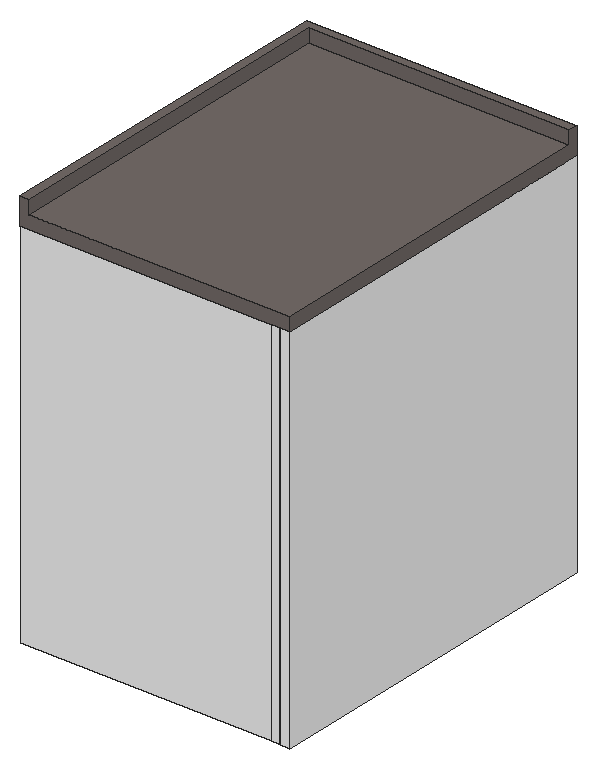
Revit family
Parameters (values of type "MAKE-UP 4000 BASE 02 (1000*600*850)")
  Assembly Code = ""
  Manufacturer = "HANSSEM"
  Model = "MAKE-UP 4000 BASE"
  Width = 600 mm
  upper face material = MARBL25
  side material = white shine
  support material = white shine
  knob material = Chrome, 2
  Height = 862 mm
  drawer material = white shine
  Depth = 800 mm
Reference planes
  plane 1 "중심(앞/뒤)": y = 0
  plane 2: z = 0
  plane 3 "상판 돌출 위": y = 300
  plane 4: y = -500
  plane 5: x = 500
  plane 6 "상판 돌출 기준": z = 862
  plane 7: x = 460
  plane 8: y = 295
  plane 9: y = 275
  plane 10: y = -278
  plane 11 "상판 하단": z = 832
  plane 12: z = 150
  plane 13: z = 830
  plane 14: z = 815
  plane 15: z = 800
  plane 16: y = -245
  plane 17: y = -233
  plane 18: z = 892
  plane 19 "상판 돌출 아래": y = 280
  plane 20 "sink bottom": z = 578
  plane 21: through (500, -300, 4000) normal (-0.7071, -0.7071, 0)
  plane 22: x = -80
  plane 23: x = -100
Forms (mm)
  Extrusion 1, solid, material "white shine" <- "side material"
    sketch origin (0, 0, 0) x (1, 0, 0) y (0, 1, 0)
      loop
        line (-95, 295) -> (-95, 275) -> (460, 275) -> (460, 295) -> (-95, 295)
    from 0 to 832
  Extrusion 2, solid, material "white shine" <- "side material"
    sketch origin (0, 0, 0) x (0, 1, 0) y (0, 0, 1)
      loop
        line (300, 832) -> (-500, 832) -> (-500, 0) -> (300, 0) -> (300, 832)
    from 460 to 500
  Extrusion 3, solid, material "MARBL25"
    sketch origin (0, 0, 832) x (1, 0, 0) y (0, 1, 0)
      loop
        line (500, -500) -> (500, 300) -> (-100, 300) -> (-100, -500) -> (500, -500)
    from 0 to 30
  Extrusion 4, solid, material "MARBL25"
    sketch origin (0, 0, 862) x (1, 0, 0) y (0, 1, 0)
      loop
        line (-80, -500) -> (-80, 280) -> (500, 280) -> (500, 300) -> (-100, 300) -> (-100, -500) -> (-80, -500)
    from 0 to 30
  Extrusion 5, solid, material "white shine" <- "side material"
    sketch origin (200, 200, 0) x (-1, 0, 0) y (0, 0, -1)
      loop
        line (300, -832) -> (300, 0) -> (-278, 0) -> (-278, -832) -> (300, -832)
    from 675.378 to 699.378
  Extrusion 6, solid, material "white shine" <- "side material"
    sketch origin (200, 200, 0) x (-1, 0, 0) y (0, 1, 0)
      loop
        line (295, 75) -> (275, 75) -> (275, -460) -> (295, -460) -> (295, 75)
    from 0 to 790
Cuts and joins
  joined: Extrusion 3, Extrusion 4
Dimensions and locks
  plane 1 "중심(앞/뒤)" to plane 3 "상판 돌출 위" = 300 mm
  "Depth": plane 4 to plane 3 "상판 돌출 위"
  "Height": plane 6 "상판 돌출 기준" to level
  plane 7 to plane 5 = 40 mm
  plane 9 to plane 19 "상판 돌출 아래" to plane 8 to plane 3 "상판 돌출 위" = 5 mm, 15 mm, 5 mm
  plane 18 to plane 6 "상판 돌출 기준" to plane 11 "상판 하단" to plane 13 to plane 14 to plane 15 to plane 12 = 30 mm, 30 mm, 2 mm, 15 mm, 15 mm, 650 mm
  "Width": plane 23 to plane 5
  locked: plane 23 to plane 22 at 20
  aligned and locked: plane 8 to Extrusion 1 sketch curve
  aligned and locked: plane 9 to Extrusion 1 sketch curve
  aligned and locked: plane 7 to Extrusion 1 sketch curve
  aligned and locked: Extrusion 1 to plane 11 "상판 하단"
  aligned and locked: Extrusion 2 to plane 5
  aligned and locked: plane 7 to Extrusion 2
  aligned and locked: plane 8 to Extrusion 1
  aligned and locked: plane 9 to Extrusion 1
  aligned and locked: Extrusion 2 to plane 7
  aligned and locked: plane 3 "상판 돌출 위" to Extrusion 2
  aligned and locked: Extrusion 1 to Extrusion 6
  aligned and locked: plane 4 to Extrusion 2
Automatic sketch dimensions
  plane 10 to Extrusion 2 sketch curve = 222 mm
  Extrusion 2 sketch curve to plane 3 "상판 돌출 위" = 0 mm
  Extrusion 2 sketch curve to plane 11 "상판 하단" = 0 mm
  Extrusion 3 sketch curve to plane 4 = 0 mm
  Extrusion 3 sketch curve to plane 3 "상판 돌출 위" = 0 mm
  plane 21 to Extrusion 3 sketch curve = 0 mm
  Extrusion 3 sketch curve to plane 5 = 0 mm
  plane 21 to Extrusion 1 sketch curve = 0 mm
  Extrusion 4 sketch curve to plane 4 = 0 mm
  Extrusion 4 sketch curve to plane 23 = 0 mm
  Extrusion 4 sketch curve to plane 3 "상판 돌출 위" = 0 mm
  Extrusion 4 sketch curve to plane 22 = 0 mm
  Extrusion 4 sketch curve to plane 5 = 0 mm
  Extrusion 4 sketch curve to plane 19 "상판 돌출 아래" = 0 mm
  Extrusion 5 sketch curve to plane 11 "상판 하단" = 0 mm
  Extrusion 5 sketch curve to level = 0 mm
  Extrusion 5 sketch curve to plane 23 = 0 mm
  Extrusion 5 sketch curve to plane 7 = 18 mm
  plane 3 "상판 돌출 위" to Extrusion 6 sketch curve = 25 mm
  plane 22 to Extrusion 6 sketch curve = 5 mm
  plane 21 to Extrusion 6 sketch curve = 14.142 mm
  plane 16 to Extrusion 6 sketch curve = 15 mm
  Extrusion 2 sketch curve to level = 0 mm
